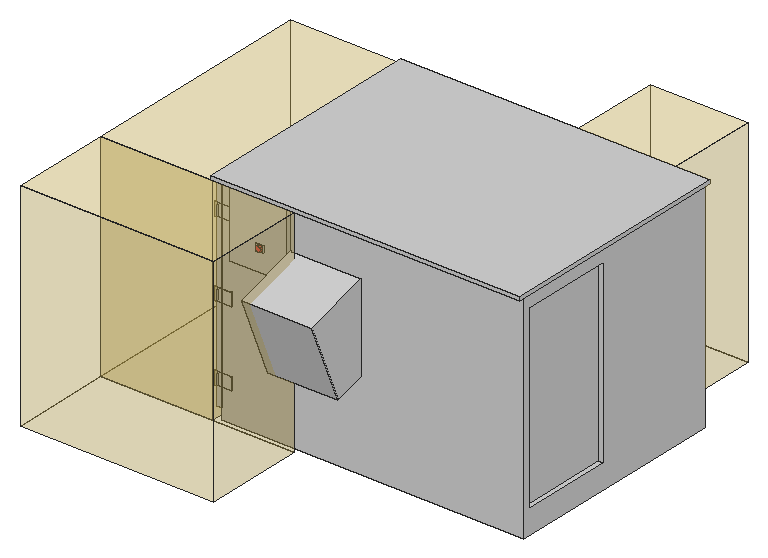
Revit family "Ventilator-RenewAire-Energy-Recovery-HE6XRTV", category Mechanical Equipment, Revit 2015
Parameters (values of type "5.0 HP 208-230V Three Phase")
  Voltage = "208-230"
  Ventilation Type = "Static Plate, Heat and Humidity Transfer"
  Unit Width = "113-1/2\""
  Unit Weight = "2,232-2,769 lbs."
  Unit Length = "106-1/2\""
  Unit Height = "81-3/4\""
  Unit = Metal - RenewAire - Anodized - Gray Text
  URL = "www.renewaire.com"
  Typical Airflow Range = "1,500 - 6,500 CFM"
  Standard Features = "TEFC Premium efficiency motors, Motor starters, Non-fused disconnect, 24 VAC transformer/relay package"
  Shipping Weight = "3,109 lbs."
  Service Area Visibility = yes
  Service Area Box = Interference - RenewAire - Smooth - Light - Gold
  Revit Object Download Link = ""
  Phase = "Three"
  Options = "Integrated programmable controls, Fused disconnect, Double wall construction, Factory supplied and mounted variable frequency drives (VFDs) - one or both airstreams, Class 1 low-leakage motorized isolation dampers - OA, EA or both airstreams, Qty. 2 Factory mounted filter alarms, Exterior paint - white, custom colors"
  Number Motors = "Qty. 2, Belt drive blower/standard motor packages with adjustable sheaves"
  Model = "HE6XRTV"
  Minimum Circuit Amps = "32.6 A"
  Maximum Overcurrent Protection = "45 A"
  Max. Shipping Width = "90\""
  Max. Shipping Length = "116\""
  Max. Shipping Height = "90\""
  Manufacturer = "RenewAire LLC"
  Frequency = "60 HZ"
  FLA per Motor = "14.5-13.4"
  Description = "Energy Recovery Ventilator"
  Connector Base Material = Glass - With - Transparency
  Accessories = "Filters - MERV 13, 2\" (shipped loose), Roof Curb - standard 14\", Curb wind clip,\r\nEngineered combo curb for Carrier RTU, Engineered combo curb for Trane RTU, Digital time clock - wall mount(TC7D-W), in exterior enclosure (TC7D-E), Motion occupancy control - ceiling mount(MC-C), wall mount(MC-W), Carbon dioxide control - wall mount (CO2-W),  duct mount(CO2-D), Electric duct heater – EK series (1-60 KW), EH series (61-175 KW); designed for indoor ductwork installation only, Indirect gas-fired duct furnace - GH series (50-400 MBH), installed downstream of any fans"
  AHRI 1060 Certified Core = "Six L125-G5"
Types (7): name | Voltage | Minimum Circuit Amps | Maximum Overcurrent Protection | FLA per Motor
  (no name) | "208-230" | "32.6 A" | "45 A" | "14.5-13.4"
  5.0 HP 208-230V Three Phase | "208-230" | "32.6 A" | "45 A" | "14.5-13.4"
  5.0 HP 460V Three Phase | "460" | "15.1 A" | "20 A" | "6.7"
  5.0 HP 575V Three Phase | "575" | "11.9 A" | "15 A" | "5.3"
  7.5 HP 208-230V Three Phase | "208-230" | "47.3 A" | "60 A" | "21.0-19.0"
  7.5 HP 460V Three Phase | "460" | "21.4 A" | "25 A" | "9.5"
  7.5 HP 575V Three Phase | "575" | "17.1 A" | "20 A" | "7.6"
Reference planes (in)
  plane 1 "Center (Front/Back)": y = 0
  plane 2: z = 0
  plane 3 "Center (Left/Right)": x = 0
  plane 4: y = 41.875
  plane 5: y = -41.875
  plane 6: x = 56.3125
  plane 7: x = -57.1875
Forms (in)
  Extrusion 1, solid, material "Metal - RenewAire - Anodized - Gray Text" <- "Unit"
    sketch origin (0, 0, 0) x (1, 0, 0) y (0, 1, 0)
      loop
        line (-54, 40.5) -> (-54, -40.5) -> (54, -40.5) -> (54, 40.5) -> (-54, 40.5)
    from 0 to 77
  Extrusion 2, solid, material "Metal - RenewAire - Anodized - Gray Text"
    sketch origin (0, 0, 0) x (1, 0, 0) y (0, 1, 0)
      loop
        line (-56.3125, 42.5) -> (-56.3125, -42.5) -> (54, -42.5) -> (54, 42.5) -> (-56.3125, 42.5)
    from 77 to 78.25
  Extrusion 3, solid, material "Metal - RenewAire - Anodized - Gray Text"
    sketch origin (0, 0, 0) x (1, 0, 0) y (0, 1, 0)
      loop
        line (-54, -40.5) -> (-54, -1.25) -> (-55.5625, -1.25) -> (-55.5625, -40.5) -> (-54, -40.5)
    from 4 to 76
  Extrusion 4, solid, material "Metal - RenewAire - Anodized - Gray Text"
    sketch origin (0, 41.75, 0) x (1, 0, 0) y (0, 1, 0)
      loop
        line (-54, -40.5) -> (-54, -1.25) -> (-55.5625, -1.25) -> (-55.5625, -40.5) -> (-54, -40.5)
    from 4 to 76
  Extrusion 5, solid, material "Metal - RenewAire - Anodized - Gray Text"
    sketch origin (0, 0, 0) x (1, 0, 0) y (0, 0, 1)
      loop
        line (-55.5625, 15.181) -> (-55.5625, 10.75) -> (-50.25, 10.75) -> (-50.25, 15.181) -> (-55.5625, 15.181)
      loop
        line (-55.5625, 42.222) -> (-55.5625, 37.778) -> (-50.25, 37.778) -> (-50.25, 42.222) -> (-55.5625, 42.222)
      loop
        line (-55.5625, 69.25) -> (-55.5625, 64.819) -> (-50.25, 64.819) -> (-50.25, 69.25) -> (-55.5625, 69.25)
    from 40.5 to 40.625
  Extrusion 6, solid, material "Metal - RenewAire - Anodized - Gray Text"
    sketch origin (0, 0, 0) x (1, 0, 0) y (0, 0, 1)
      loop
        line (-55.5625, 15.181) -> (-55.5625, 10.75) -> (-50.25, 10.75) -> (-50.25, 15.181) -> (-55.5625, 15.181)
      loop
        line (-55.5625, 42.222) -> (-55.5625, 37.778) -> (-50.25, 37.778) -> (-50.25, 42.222) -> (-55.5625, 42.222)
      loop
        line (-55.5625, 69.25) -> (-55.5625, 64.819) -> (-50.25, 64.819) -> (-50.25, 69.25) -> (-55.5625, 69.25)
    from -40.625 to -40.5
  Extrusion 7, solid, material "Metal - RenewAire - Anodized - Gray Text"
    sketch origin (0, 0, 0) x (1, 0, 0) y (0, 1, 0)
      loop
        circle (-55.9375, -40.5) r 0.375
    from 10.75 to 15.181
  Extrusion 8, solid, material "Metal - RenewAire - Anodized - Gray Text"
    sketch origin (0, 0, 0) x (1, 0, 0) y (0, 1, 0)
      loop
        circle (-55.9375, -40.5) r 0.375
    from 37.778 to 42.222
  Extrusion 9, solid, material "Metal - RenewAire - Anodized - Gray Text"
    sketch origin (0, 0, 0) x (1, 0, 0) y (0, 1, 0)
      loop
        circle (-55.9375, -40.5) r 0.375
    from 64.819 to 69.25
  Extrusion 10, solid, material "Metal - RenewAire - Anodized - Gray Text"
    sketch origin (0, 81, 0) x (1, 0, 0) y (0, 1, 0)
      loop
        circle (-55.9375, -40.5) r 0.375
    from 10.75 to 15.181
  Extrusion 11, solid, material "Metal - RenewAire - Anodized - Gray Text"
    sketch origin (0, 81, 0) x (1, 0, 0) y (0, 1, 0)
      loop
        circle (-55.9375, -40.5) r 0.375
    from 37.778 to 42.222
  Extrusion 12, solid, material "Metal - RenewAire - Anodized - Gray Text"
    sketch origin (0, 81, 0) x (1, 0, 0) y (0, 1, 0)
      loop
        circle (-55.9375, -40.5) r 0.375
    from 64.819 to 69.25
  Extrusion 13, solid, material "Metal - RenewAire - Anodized - Gray Text"
    sketch origin (0, 0, 0) x (1, 0, 0) y (0, 0, 1)
      loop
        line (-50.25, 77) -> (-50.25, 53) -> (-29.75, 53) -> (-29.75, 77) -> (-50.25, 77)
    from 40.5 to 41.75
  Extrusion 14, solid, material "Metal - RenewAire - Anodized - Gray Text"
    sketch origin (0, 0, 0) x (1, 0, 0) y (0, 0, 1)
      loop
        line (-40.6, 62.1) -> (-40.6, 59.6) -> (-38.1, 59.6) -> (-38.1, 62.1) -> (-40.6, 62.1)
    from 41.75 to 41.875
  Extrusion 15, solid, material "Plastic Red"
    sketch origin (0, 0, 0) x (1, 0, 0) y (0, 0, 1)
      loop
        circle (-39.35, 60.85) r 1
    from 41.75 to 42.5
  Extrusion 16, solid, material "Metal - RenewAire - Anodized - Gray Text"
    sketch origin (0, 0, 0) x (0, 1, 0) y (0, 0, 1)
      loop
        circle (-3.25, 67.0345) r 0.25
    from -56.3125 to -55.5625
  Extrusion 17, solid, material "Metal - RenewAire - Anodized - Gray Text"
    sketch origin (0, 0, 0) x (1, 0, 0) y (0, 0, 1)
      loop
        line (-56.3125, 67.2845) -> (-57.1875, 67.2845) -> (-57.1875, 66.7845) -> (-56.3125, 66.7845) -> (-56.3125, 67.2845)
    from 2.95437 to 6.64353
  Extrusion 18, solid, material "Metal - RenewAire - Anodized - Gray Text"
    sketch origin (0, 0, -54.0845) x (0, 1, 0) y (0, 0, 1)
      loop
        circle (-3.25, 67.0345) r 0.25
    from -56.3125 to -55.5625
  Extrusion 19, solid, material "Metal - RenewAire - Anodized - Gray Text"
    sketch origin (0, 0, -54.0845) x (1, 0, 0) y (0, 0, 1)
      loop
        line (-56.3125, 67.2845) -> (-57.1875, 67.2845) -> (-57.1875, 66.7845) -> (-56.3125, 66.7845) -> (-56.3125, 67.2845)
    from 2.95437 to 6.64353
  Extrusion 20, solid, material "Metal - RenewAire - Anodized - Gray Text"
    sketch origin (0, -0.02735, 79.9845) x (0, -1, 0) y (0, 0, -1)
      loop
        circle (-3.25, 67.0345) r 0.25
    from -56.3125 to -55.5625
  Extrusion 21, solid, material "Metal - RenewAire - Anodized - Gray Text"
    sketch origin (0, -0.02735, 79.9845) x (1, 0, 0) y (0, 0, -1)
      loop
        line (-56.3125, 67.2845) -> (-57.1875, 67.2845) -> (-57.1875, 66.7845) -> (-56.3125, 66.7845) -> (-56.3125, 67.2845)
    from 2.95437 to 7.02735
  Extrusion 22, solid, material "Metal - RenewAire - Anodized - Gray Text"
    sketch origin (0, -0.02735, 134.069) x (0, -1, 0) y (0, 0, -1)
      loop
        circle (-3.25, 67.0345) r 0.25
    from -56.3125 to -55.5625
  Extrusion 23, solid, material "Metal - RenewAire - Anodized - Gray Text"
    sketch origin (0, -0.02735, 134.069) x (1, 0, 0) y (0, 0, -1)
      loop
        line (-56.3125, 67.2845) -> (-57.1875, 67.2845) -> (-57.1875, 66.7845) -> (-56.3125, 66.7845) -> (-56.3125, 67.2845)
    from 2.95437 to 7.02735
  Extrusion 24, solid, material "Metal - RenewAire - Anodized - Gray Text"
    sketch origin (0, 0, 0) x (1, 0, 0) y (0, 1, 0)
      loop
        line (40.5, 40.5) -> (40.5, 41.875) -> (5.75, 41.875) -> (5.75, 40.5) -> (40.5, 40.5)
    from 4 to 76
  Extrusion 25, solid, material "Metal - RenewAire - Anodized - Gray Text"
    sketch origin (46.25, -13.6875, 0) x (0, -1, 0) y (0, 0, 1)
      loop
        line (-55.5625, 15.181) -> (-55.5625, 10.75) -> (-54.1875, 10.75) -> (-54.1875, 15.181) -> (-55.5625, 15.181)
      loop
        line (-55.5625, 42.222) -> (-55.5625, 37.778) -> (-54.1875, 37.778) -> (-54.1875, 42.222) -> (-55.5625, 42.222)
      loop
        line (-55.5625, 69.25) -> (-55.5625, 64.819) -> (-54.1875, 64.819) -> (-54.1875, 69.25) -> (-55.5625, 69.25)
    from 40.5 to 40.625
  Extrusion 26, solid, material "Metal - RenewAire - Anodized - Gray Text"
    sketch origin (46.25, -13.6875, 0) x (0, -1, 0) y (1, 0, 0)
      loop
        circle (-55.9375, -40.5) r 0.375
    from 10.75 to 15.181
  Extrusion 27, solid, material "Metal - RenewAire - Anodized - Gray Text"
    sketch origin (46.25, -13.6875, 0) x (0, -1, 0) y (1, 0, 0)
      loop
        circle (-55.9375, -40.5) r 0.375
    from 37.778 to 42.222
  Extrusion 28, solid, material "Metal - RenewAire - Anodized - Gray Text"
    sketch origin (46.25, -13.6875, 0) x (0, -1, 0) y (1, 0, 0)
      loop
        circle (-55.9375, -40.5) r 0.375
    from 64.819 to 69.25
  Extrusion 29, solid, material "Metal - RenewAire - Anodized - Gray Text"
    sketch origin (0, 0, 0.09434) x (1, 0, 0) y (0, 0, 1)
      loop
        circle (38.5, 67.0345) r 0.5
      loop
        circle (38.5, 12.9655) r 0.5
    from -42.63934 to -41.875
  Extrusion 30, solid, material "Metal - RenewAire - Anodized - Gray Text"
    sketch origin (0, 0, 0) x (1, 0, 0) y (0, 1, 0)
      loop
        line (39, 42.63934) -> (39, 43.13934) -> (35, 43.13934) -> (35, 42.63934) -> (39, 42.63934)
    from 12.54402 to 13.57826
  Extrusion 31, solid, material "Metal - RenewAire - Anodized - Gray Text"
    sketch origin (0, 0, 0) x (1, 0, 0) y (0, 1, 0)
      loop
        line (39, 42.63934) -> (39, 43.13934) -> (35, 43.13934) -> (35, 42.63934) -> (39, 42.63934)
    from 66.62861 to 67.65618
  Extrusion 32, solid, material "Metal - RenewAire - Anodized - Gray Text"
    sketch origin (0, 0, 0) x (1, 0, 0) y (0, 1, 0)
      loop
        line (39, 42.42236) -> (36.93236, 42.42236) -> (35.90842, 43.13934) -> (35.90842, 42.63934) -> (37, 41.875) -> (39, 41.875) -> (39, 42.42236)
    from 39.5 to 40.5
  Extrusion 33, solid, material "Metal - RenewAire - Anodized - Gray Text"
    sketch origin (0, 0, 0) x (1, 0, 0) y (0, 1, 0)
      loop
        circle (35.90842, 42.88934) r 0.25
    from 37.778 to 42.222
  Extrusion 34, solid, material "Interference - RenewAire - Smooth - Light - Gold" <- "Service Area Box", visible <- "Service Area Visibility"
    sketch origin (0, 0, 0) x (1, 0, 0) y (0, 1, 0)
      loop
        line (5.75, 41.875) -> (40.5, 41.875) -> (40.5, 76.625) -> (5.75, 76.625) -> (5.75, 41.875)
    from 0 to 77
  Extrusion 35, solid, material "Interference - RenewAire - Smooth - Light - Gold", visible <- "Service Area Visibility"
    sketch origin (0, 0, 0) x (1, 0, 0) y (0, 1, 0)
      loop
        line (-55.5625, 42.5) -> (-95.5625, 42.5) -> (-95.5625, -42.5) -> (-55.5625, -42.5) -> (-55.5625, 42.5)
    from 0 to 77
  Extrusion 36, solid, material "Interference - RenewAire - Smooth - Light - Gold", visible <- "Service Area Visibility"
    sketch origin (0, -2, 0) x (1, 0, 0) y (0, 1, 0)
      loop
        line (-26.3125, -40.5) -> (-95.5625, -40.5) -> (-95.5625, -76.5) -> (-26.3125, -76.5) -> (-26.3125, -40.5)
    from 0 to 77
  Extrusion 37, void
    sketch origin (0, 0, 0) x (0, 1, 0) y (0, 0, 1)
      loop
        line (-38.125, 72.81) -> (-38.125, 8.56) -> (-4.875, 8.56) -> (-4.875, 72.81) -> (-38.125, 72.81)
    from 52 to 56.3125
  Extrusion 38, solid, material "Metal - RenewAire - Anodized - Gray Text"
    sketch origin (0, 0, 0) x (0, 1, 0) y (0, 0, 1)
      loop
        line (-40.5, 31.25) -> (-40.5, 62.75) -> (-62.625, 56.5) -> (-51, 28.5) -> (-40.5, 31.25)
    from -29.25 to -4.25
  Extrusion 39, void
    sketch origin (0, 0, 0) x (1, 0, 0) y (0, 1, 0)
      loop
        line (-53.5, 40) -> (-53.5, -40) -> (53.5, -40) -> (53.5, 40) -> (-53.5, 40)
    from -3.26422 to 4.625
  Extrusion 40, void
    sketch origin (0, 0, 0) x (1, 0, 0) y (0, 1, 0)
      loop
        line (-25.5, 23.375) -> (-25.5, 1.375) -> (-9.5, 1.375) -> (-9.5, 23.375) -> (-25.5, 23.375)
    from 0 to 4.75
  Extrusion 41, void
    sketch origin (0, 0, 0) x (1, 0, 0) y (0, 1, 0)
      loop
        line (22.125, 35.375) -> (22.125, 1.375) -> (46.125, 1.375) -> (46.125, 35.375) -> (22.125, 35.375)
    from 0 to 4.75
Cuts and joins
  Extrusion 37, Extrusion 39, Extrusion 40, Extrusion 41 cuts Extrusion 1
Dimensions and locks (in)
  aligned and locked: level to plane 2
Nested families (in)
  nested 1: "Monitoring Port" at (17.75, 42.125, 60.778), type "Monitoring Port"
  nested 2: "Monitoring Port" at (28.5, 42.125, 60.778), type "Monitoring Port"
  nested 3: "Monitoring Port" at (17.75, 42.125, 48.778), type "Monitoring Port"
  nested 4: "Monitoring Port" at (28.5, 42.125, 48.778), type "Monitoring Port"
Connectors (in)
  hvac at (-17.5, 12.375, 4.75)
    settings: on cut or joined group of Extrusion 1, Extrusion 37, Extrusion 39, Extrusion 40, Extrusion 41, index 3, duct flow 0 CFM, flow factor 0, pres drop 0.00 in-wg, loss coef 0, conn angle 0.00°, conn width 22", conn height 16", conn diameter 24", duct sys type 1, conn prof type 1, flow config 0, flow direction 2, loss method 0, conn ref index -1, conn util no, is conn primary yes, conn desc "FA (Fresh Air)"
  hvac at (34.125, 18.375, 4.75)
    settings: on cut or joined group of Extrusion 1, Extrusion 37, Extrusion 39, Extrusion 40, Extrusion 41, index 4, duct flow 0 CFM, flow factor 0, pres drop 0.00 in-wg, loss coef 0, conn angle 0.00°, conn width 34", conn height 24", conn diameter 24", duct sys type 2, conn prof type 1, flow config 0, flow direction 1, loss method 0, conn ref index -1, conn util no, is conn primary no, conn desc "RA (Return Air)"
Definition of nested family "Monitoring Port"
  Parameters (values of type "Monitoring Port")
    URL = "www.renewaire.com"
    Revit Object Download Link = ""
    Model = ""
    Manufacturer = "RenewAire LLC"
    Description = "Monitoring Ports"
  Reference planes (in)
    plane 1 "Center (Front/Back)": y = 0
    plane 2: z = 0
    plane 3 "Center (Left/Right)": x = 0
  Forms (in)
    Extrusion 1, solid
      sketch origin (-9.43348, 0, 37.76669) x (-1, 0, 0) y (0, 0, -1)
        loop
          line (-9.53348, 35.65895) -> (-9.94097, 35.42369) -> (-9.94097, 34.83769) -> (-9.43348, 34.54469) -> (-8.92599, 34.83769) -> (-8.92599, 35.42369) -> (-9.33348, 35.65895) -> (-9.33348, 37.28756)
          arc (-9.33348, 37.28756) -> (-9.43348, 37.76669) -> (-9.53348, 37.28756) r 0.25
          line (-9.53348, 37.28756) -> (-9.53348, 35.65895)
      from 0 to 0.25
  Dimensions and locks (in)
    aligned and locked: level to plane 2
